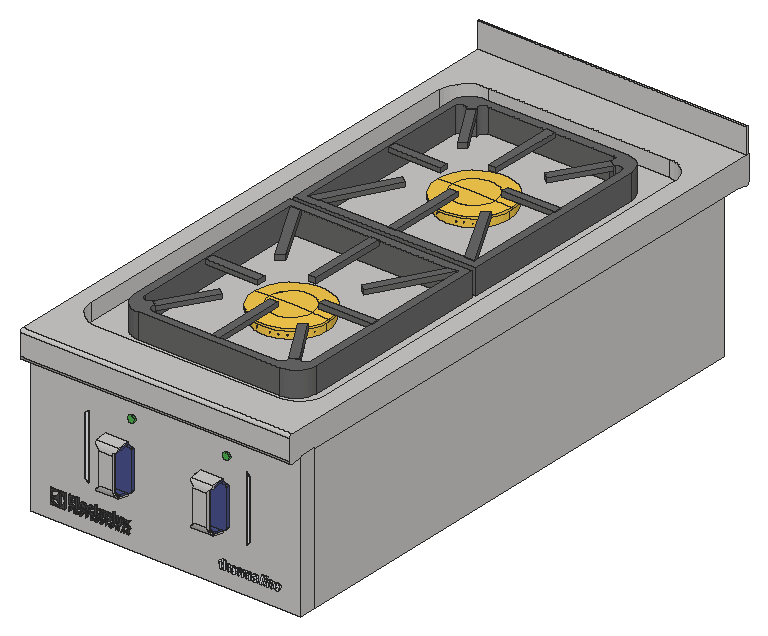
Revit family "QF_ELECTROLUXPROFESSIONAL_593103_MBGCBBDOVO", category Specialty Equipment, Revit 2014
Parameters
  Weight in Pounds = 487.22
  URL Cutsheet = ""
  Type Mark [instance] = ""
  Specification by User [instance] = ""
  Specification by Manufacturer = ""
  Serial Number = ""
  Seismic Rating = ""
  SMACNA No = ""
  Revision Code [instance] = ""
  Omniclass Number and Title = ""
  NAFEM Spec ID Number = ""
  Model = "588557"
  Masterspec = ""
  Manufacturer = "Electrolux Professional"
  Item Number [instance] = ""
  Installed By [instance] = ""
  Identify Quantity as Lot [instance] = yes
  Furnished By [instance] = ""
  Foodservice Equipment Identifier [instance] = yes
  Description = ""
  CSI MasterFormat = ""
  CSI Master Format = ""
Reference planes
  plane 1 "BACK": y = 0
  plane 2: z = 0
  plane 3 "LEFT": x = 0
  plane 4 "RIGHT": x = 400
  plane 5 "FRONT": y = -850
  plane 6 "TOP": z = 900
  plane 7 "Center (Left/Right)": x = 200
  plane 8: y = -425
  plane 9: y = -150
  plane 10: y = -65
  plane 11: y = -790
  plane 12 "GasY": y = -540
  plane 13: z = 938
  plane 14 "BaseTop": z = 650
  plane 15: y = -805
  plane 16 "Camino": y = -50
  plane 17: x = 364
  plane 18: z = 1131
Forms (mm)
  Extrusion 1, solid, material "QF_Finishes_Stainless Steel"
    sketch origin (-178.969, -4572, 100) x (-1, 0, 0) y (0, -1, 0)
      loop
        line (-178.969, -4527) -> (-178.969, -3767) -> (-578.969, -3767) -> (-578.969, -4527) -> (-178.969, -4527)
    from 550 to 762.969
  Extrusion 2, solid, material "QF_Finishes_Stainless Steel"
    sketch origin (200, 296.4, 1219.2) x (0, 1, 0) y (0, 0, 1)
      loop
        line (-296.4, -319.2) -> (-1141.4, -319.2)
        arc (-1141.4, -319.2) -> (-1144.935, -320.664) -> (-1146.4, -324.2) r 5
        line (-1146.4, -324.2) -> (-1146.4, -355.2)
        arc (-1146.4, -355.2) -> (-1144.971, -358.264) -> (-1141.705, -359.139) r 4
        line (-1141.705, -359.139) -> (-1126.4, -356.231) -> (-316.4, -356.231) -> (-301.094, -359.139)
        arc (-301.094, -359.139) -> (-297.829, -358.264) -> (-296.4, -355.2) r 4
        line (-296.4, -355.2) -> (-296.4, -319.2)
    from -200 to 200
  Extrusion 3, void
    sketch origin (0, 0, 900) x (-1, 0, 0) y (0, -1, 0)
      loop
        arc (-65.29, 65) -> (-37.006, 76.716) -> (-25.29, 105) r 40
        line (-25.29, 105) -> (-25.29, 750)
        arc (-25.29, 750) -> (-37.006, 778.284) -> (-65.29, 790) r 40
        line (-65.29, 790) -> (-334.029, 790)
        arc (-334.029, 790) -> (-362.314, 778.284) -> (-374.029, 750) r 40
        line (-374.029, 750) -> (-374.029, 105)
        arc (-374.029, 105) -> (-362.314, 76.716) -> (-334.029, 65) r 40
        line (-334.029, 65) -> (-65.29, 65)
    from 0 to -25
  Extrusion 4, solid, material "QF_Finishes_Stainless Steel"
    sketch origin (200, 296.4, 1219.2) x (0, 1, 0) y (0, 0, 1)
      loop
        line (-296.4, -319.2) -> (-296.4, -281.2) -> (-298.4, -281.2) -> (-298.4, -319.2) -> (-296.4, -319.2)
    from 200 to -200
  Extrusion 5, solid, material "QF_Finishes_Stainless Steel"
    sketch origin (0, 0, 650) x (-1, 0, 0) y (0, -1, 0)
      loop
        circle (-364, 540) r 10.1
    from 0 to -10
Cuts and joins
  Extrusion 3 cuts Extrusion 2
Lines and regions (mm)
  symbolic lines
    curve 1: line (0, 0, 100) -> (400, 0, 100)
    curve 2: line (0, -850, 100) -> (0, 0, 100)
    curve 3: line (400, -850, 100) -> (0, -850, 100)
    curve 4: line (400, 0, 100) -> (400, -850, 100)
    curve 5: line (0, -2, 0) -> (400, -2, 0)
    curve 6: line (334.029, -65, 0) -> (65.29, -65, 0)
    curve 7: arc (65.29, -65, 0) -> (37.006, -76.716, 0) -> (25.29, -105, 0) r 40
    curve 8: arc (374.029, -105, 0) -> (362.314, -76.716, 0) -> (334.029, -65, 0) r 40
    curve 9: line (374.029, -750, 0) -> (374.029, -105, 0)
    curve 10: arc (334.029, -790, 0) -> (362.314, -778.284, 0) -> (374.029, -750, 0) r 40
    curve 11: line (65.29, -790, 0) -> (334.029, -790, 0)
    curve 12: arc (25.29, -750, 0) -> (37.006, -778.284, 0) -> (65.29, -790, 0) r 40
    curve 13: line (25.29, -105, 0) -> (25.29, -750, 0)
Dimensions and locks
  plane 3 "LEFT" to plane 4 "RIGHT" = 400 mm
  locked: plane 5 "FRONT" to plane 1 "BACK" at 850
  plane 3 "LEFT" to plane 7 "Center (Left/Right)" to plane 4 "RIGHT" = 200 mm, 200 mm
  equal spacing: plane 5 "FRONT", plane 8, plane 1 "BACK"
  plane 6 "TOP" to level = 900 mm  (x2)
  plane 1 "BACK" to plane 9 = 150 mm
  plane 12 "GasY" to plane 1 "BACK" = 540 mm
  plane 13 to plane 6 "TOP" = 38 mm
  plane 10 to plane 1 "BACK" = 65 mm
  plane 5 "FRONT" to plane 11 = 60 mm
  locked: plane 6 "TOP" to plane 14 "BaseTop" at 250
  locked: plane 15 to plane 5 "FRONT" at 45
  plane 16 "Camino" to plane 1 "BACK" = 50 mm
  plane 17 to plane 4 "RIGHT" = 36 mm
  plane 18 to plane 6 "TOP" = 231 mm
  aligned and locked: level to plane 2
  aligned and locked: cut or joined group of Extrusion 2, Extrusion 3 to plane 3 "LEFT"
  aligned and locked: cut or joined group of Extrusion 2, Extrusion 3 to plane 4 "RIGHT"
  aligned and locked: nested 1 to plane 15
  aligned and locked: Extrusion 1 to plane 15
  aligned and locked: Extrusion 4 to plane 3 "LEFT"
  aligned and locked: Extrusion 4 to plane 4 "RIGHT"
  aligned and locked: plane 3 "LEFT" to nested 1
Automatic sketch dimensions
  curve 5 to plane 3 "LEFT" = 0 mm
  curve 5 to plane 4 "RIGHT" = 0 mm
  plane 1 "BACK" to curve 5 = 2 mm
  Extrusion 1 sketch curve to plane 4 "RIGHT" = 0 mm
  Extrusion 1 sketch curve to plane 3 "LEFT" = 0 mm
  Extrusion 1 sketch curve to plane 15 = 0 mm
  Extrusion 1 sketch curve to plane 16 "Camino" = 5 mm
  plane 1 "BACK" to curve 1 = 0 mm
  curve 1 to plane 4 "RIGHT" = 0 mm
  curve 3 to plane 3 "LEFT" = 0 mm
  plane 5 "FRONT" to curve 3 = 0 mm
  Extrusion 2 sketch curve to plane 5 "FRONT" = 0 mm
  Extrusion 2 sketch curve to plane 6 "TOP" = 0 mm
  Extrusion 2 sketch curve to plane 1 "BACK" = 0 mm
  Extrusion 2 sketch curve to Extrusion 2 sketch curve = 4 mm
  Extrusion 2 sketch curve to Extrusion 2 sketch curve = 0.695 mm
  Extrusion 2 sketch curve to plane 5 "FRONT" = 5 mm
  Extrusion 2 sketch curve to Extrusion 2 sketch curve = 15.305 mm
  plane 1 "BACK" to Extrusion 2 sketch curve = 20 mm
  plane 1 "BACK" to Extrusion 2 sketch curve = 4.695 mm
  plane 1 "BACK" to Extrusion 2 sketch curve = 4 mm
  Extrusion 2 sketch curve to Extrusion 2 sketch curve = 31 mm
  Extrusion 2 sketch curve to Extrusion 2 sketch curve = 36 mm
  Extrusion 2 sketch curve to Extrusion 2 sketch curve = 2.909 mm
  Extrusion 4 sketch curve to plane 6 "TOP" = 0 mm
  Extrusion 4 sketch curve to plane 13 = 0 mm
  Extrusion 4 sketch curve to plane 1 "BACK" = 0 mm
  Extrusion 4 sketch curve to Extrusion 4 sketch curve = 2 mm
  Extrusion 5 sketch curve to plane 12 "GasY" = 0 mm
  Extrusion 5 sketch curve to plane 17 = 0 mm
  plane 10 to curve 6 = 0 mm
  plane 7 "Center (Left/Right)" to curve 6 = 134.029 mm
  curve 7 to curve 6 = 40 mm
  curve 8 to curve 6 = 40 mm
  curve 9 to plane 11 = 40 mm
  plane 11 to curve 10 = 0 mm
  plane 3 "LEFT" to curve 13 = 25.29 mm
  curve 12 to plane 11 = 40 mm
  plane 11 to Extrusion 3 sketch curve = 0 mm
  plane 10 to Extrusion 3 sketch curve = 0 mm
  plane 17 to Extrusion 3 sketch curve = 10.029 mm
  Extrusion 3 sketch curve to plane 17 = 29.971 mm  (x2)
  plane 3 "LEFT" to Extrusion 3 sketch curve = 65.29 mm  (x2)
  plane 10 to Extrusion 3 sketch curve = 40 mm
  radius of Extrusion 5 sketch curve = 10.1 mm
Nested families
  nested 1: "Front_Panel_W400_2 Knobs_Spie" at (52.376, -805, 0), type "Front_Panel_W400_2 Knobs_Spie"
  nested 2: "Therma_One_Burner_Long" at (198.607, -260.258, 875), type "Therma_One_Burner_Long"
  nested 3: "Therma_One_Burner_Long" at (198.607, -593.742, 875), type "Therma_One_Burner_Long"
Connectors
  piping at (364, -540, 650), diameter 12.7
    settings: on Extrusion 5, index 1, connector inside diameter 24", connector length 0 mm, flow factor 0, pipe flow 0 GPM, pressure drop 0.00 psi, fitting loss kfactor 0, connector angle 0.00°, fixture units 0, engagement length 0 mm, angle of deflection 0.00°, flow configuration 1, flow direction 1, fitting loss method 0, system type 7, joint type 0, gender type 0, connector reference index -1, connector utility 0, adjustable connector no, is connector primary yes, connector description "Gas Connection"
Definition of nested family "Front_Panel_W400_2 Knobs_Spie"
  Reference planes
    plane 1 "Center (Front/Back)": y = 0
    plane 2: z = 0
    plane 3 "Center (Left/Right)": x = 147.624
    plane 4 "Left": x = -52.376
    plane 5 "Right": x = 347.624
    plane 6: y = -45
    plane 7 "Panel": y = -25
  Forms (mm)
    Extrusion 1, solid, material "QF_Finishes_Stainless Steel"
      sketch origin (833.217, 829.203, -1.25) x (0, 1, 0) y (0, 0, 1)
        loop
          line (-854.203, 651.25) -> (-829.203, 651.25) -> (-829.203, 864.25) -> (-854.203, 864.25) -> (-854.203, 651.25)
      from -885.593 to -485.593
    Extrusion 2, void
      sketch origin (0, -25, -10) x (0, 0, 1) y (-1, 0, 0)
        loop
          line (731.866, -27.624) -> (726.866, -32.624) -> (823.866, -32.624) -> (818.866, -27.624) -> (731.866, -27.624)
        loop
          line (731.866, -272.624) -> (818.866, -272.624) -> (823.866, -267.624) -> (726.866, -267.624) -> (731.866, -272.624)
      from 0 to -2
    Extrusion 3, solid, material "QF_Finishes_Green"
      sketch origin (110, -25, 1.163) x (0, 0, 1) y (-1, 0, 0)
        loop
          circle (824.337, 12.376) r 5
      from 0 to 1.7
    Extrusion 4, solid, material "QF_Finishes_White"
      sketch origin (0, -25, -10) x (0, 0, 1) y (-1, 0, 0)
        loop
          line (731.866, -27.624) -> (726.866, -32.624) -> (823.866, -32.624) -> (818.866, -27.624) -> (731.866, -27.624)
        loop
          line (726.866, -267.624) -> (731.866, -272.624) -> (818.866, -272.624) -> (823.866, -267.624) -> (726.866, -267.624)
      from 0 to -2
    Extrusion 5, solid, material "QF_Finishes_Green"
      sketch origin (250.724, -25, 1.163) x (0, 0, 1) y (-1, 0, 0)
        loop
          circle (824.337, 12.376) r 5
      from 0 to 1.7
  Cuts and joins
    Extrusion 2 cuts Extrusion 1
  Dimensions and locks
    equal spacing: plane 5 "Right", plane 3 "Center (Left/Right)", plane 4 "Left"
    plane 5 "Right" to plane 4 "Left" = 400 mm
    aligned and locked: cut or joined group of Extrusion 1, Extrusion 2 to plane 4 "Left"
    aligned and locked: plane 5 "Right" to cut or joined group of Extrusion 1, Extrusion 2
  Automatic sketch dimensions
    Extrusion 1 sketch curve to plane 7 "Panel" = 0 mm
    Extrusion 1 sketch curve to plane 1 "Center (Front/Back)" = 0 mm
    Extrusion 2 sketch curve to Extrusion 2 sketch curve = 5 mm  (x6)
    Extrusion 2 sketch curve to plane 5 "Right" = 75 mm
    plane 4 "Left" to Extrusion 2 sketch curve = 85 mm
    Extrusion 3 sketch curve to plane 3 "Center (Left/Right)" = 50 mm
    Extrusion 4 sketch curve to Extrusion 4 sketch curve = 5 mm  (x6)
    Extrusion 4 sketch curve to plane 5 "Right" = 75 mm
    plane 4 "Left" to Extrusion 4 sketch curve = 85 mm
    plane 3 "Center (Left/Right)" to Extrusion 5 sketch curve = 90.724 mm
    level to Extrusion 1 sketch curve = 650 mm
    Extrusion 1 sketch curve to Extrusion 1 sketch curve = 213 mm
    level to Extrusion 2 sketch curve = 716.866 mm
    Extrusion 2 sketch curve to Extrusion 2 sketch curve = 0 mm
    Extrusion 2 sketch curve to Extrusion 2 sketch curve = 87 mm  (x2)
    level to Extrusion 3 sketch curve = 825.5 mm
    level to Extrusion 4 sketch curve = 716.866 mm
    Extrusion 4 sketch curve to Extrusion 4 sketch curve = 0 mm
    Extrusion 4 sketch curve to Extrusion 4 sketch curve = 87 mm  (x2)
    level to Extrusion 5 sketch curve = 825.5 mm
    radius of Extrusion 3 sketch curve = 5 mm
    radius of Extrusion 5 sketch curve = 5 mm
  Nested families
    nested 1: "Range Control Handle" at (77.624, -28.137, -209.113) x (-1, 0, 0) z (0, 0, 1), type "Range Control Handle"
    nested 2: "Range Control Handle" at (217.624, -28.137, -209.113), type "Range Control Handle"
    nested 3: "ELX_ThermaLine_Small" at (269.008, -25, 679.413) x (1, 0, 0) z (0, -1, 0), type "ELX_ThermaLine_Small"
      with Show Logo yes, Material_Logo QF_Finishes_Black
    nested 4: "ELX_Professional_Logo_Small" at (37.088, -25, 681.646) x (1, 0, 0) z (0, -1, 0), type "ELX_Professional_Logo_Small"
      with Show Logo yes, Material_Logo QF_Finishes_Black
  Definition of nested family "Range Control Handle"
    Reference planes
      plane 1 "Center (Front/Back)": y = 0
      plane 2: z = 0
      plane 3 "Center (Left/Right)": x = 0
      plane 4: z = 971.092
      plane 5: y = -16.9
    Forms (mm)
      Extrusion 1, solid, material "QF_Finishes_Electrolux Cyan"
        sketch origin (-746.28, 380.497, 208.931) x (-1, 0, 0) y (0, 0, 1)
          loop
            line (-770.101, 786.798) -> (-770.101, 731.649)
            arc (-770.101, 731.649) -> (-769.759, 730.563) -> (-768.855, 729.87) r 1.893
            line (-768.855, 729.87) -> (-763.474, 727.911) -> (-729.81, 727.911) -> (-724.428, 729.87)
            arc (-724.428, 729.87) -> (-723.525, 730.563) -> (-723.183, 731.649) r 1.893
            line (-723.183, 731.649) -> (-723.183, 786.798)
            arc (-723.183, 786.798) -> (-723.529, 787.894) -> (-724.44, 788.593) r 1.91
            line (-724.44, 788.593) -> (-729.683, 790.819) -> (-763.601, 790.819) -> (-768.844, 788.593)
            arc (-768.844, 788.593) -> (-769.755, 787.894) -> (-770.101, 786.798) r 1.91
        from -382.35 to -378.852
      Sweep 2, solid, material "QF_Finishes_Electrolux Cyan"
        path origin (-746.788, 380.496, 208.091) x (0, -1, 0) y (0, 0, 1)
          loop
            line (379.775, 793.281) -> (395.661, 791.048)
            arc (395.661, 791.048) -> (397.781, 787.377) -> (398.517, 783.202) r 12.207
            line (398.517, 783.202) -> (398.517, 737.368)
            arc (398.517, 737.368) -> (397.781, 733.193) -> (395.661, 729.522) r 12.207
            line (395.661, 729.522) -> (379.775, 727.289)
        profile origin (-746.788, -7.222, 1000.256) x (0, -0.139173, 0.990268) y (-1, 0, 0)
          loop
            line (0.782, -763.123) -> (0.782, -730.907) -> (-1.322, -730.907) -> (-1.322, -763.123) -> (0.782, -763.123)
      Sweep 3, solid, material "QF_Finishes_Stainless Steel"
        path origin (-746.788, 380.715, 207.832) x (0, -1, 0) y (0, 0, 1)
          loop
            line (380.478, 795.442) -> (397.218, 793.09)
            arc (397.218, 793.09) -> (399.929, 788.473) -> (400.871, 783.202) r 15.207
            line (400.871, 783.202) -> (400.871, 737.584)
            arc (400.871, 737.584) -> (399.914, 732.274) -> (397.164, 727.633) r 15.207
            line (397.164, 727.633) -> (380.601, 725.305)
        profile origin (-746.788, -8.132, 1002.099) x (0, -0.139173, 0.990268) y (-1, 0, 0)
          loop
            line (0.782, -763.123) -> (0.782, -730.907) -> (-1.322, -730.907) -> (-1.322, -763.123) -> (0.782, -763.123)
      Extrusion 4, void
        sketch origin (889.253, 220.666, 207.993) x (1, 0, 0) y (0, 0, 1)
          loop
            line (-943.038, 816.854) -> (-943.038, 703.686) -> (-899.466, 734.196) -> (-899.466, 786.344) -> (-943.038, 816.854)
        from 230.636 to 242.25
      Extrusion 5, void
        sketch origin (-888.8, 220.666, 207.993) x (-1, 0, 0) y (0, 0, -1)
          loop
            line (-943.038, -816.854) -> (-899.466, -786.344) -> (-899.466, -734.196) -> (-943.038, -703.686) -> (-943.038, -816.854)
        from 230.636 to 242.25
      Extrusion 6, solid, material "QF_Finishes_Electrolux Cyan"
        sketch origin (0, 0, 0) x (1, 0, 0) y (0, 0, 1)
          loop
            circle (0, 971.092) r 7.736
        from -3.137 to -1.645
    Cuts and joins
      Extrusion 4, Extrusion 5 cuts Sweep 3
      Extrusion 4, Extrusion 5 cuts Sweep 2
      joined: Extrusion 1, Extrusion 6
    Lines and regions (mm)
      symbolic lines
        curve 1: line (16.334, -16.9, 0) -> (16.334, -19.227, 0)
        curve 2: spline (16.334, -19.227, 0) -> (15.87, -19.385, 0) -> (15.404, -19.536, 0) -> (14.936, -19.678, 0) -> (14.466, -19.813, 0) -> (13.995, -19.94, 0) -> (13.523, -20.059, 0) -> (13.049, -20.171, 0) -> (12.575, -20.274, 0) -> (12.099, -20.37, 0) -> (11.622, -20.458, 0) -> (11.144, -20.537, 0) -> (10.666, -20.609, 0)
        curve 3: line (10.666, -16.9, 0) -> (10.666, -20.938, 0)
        curve 4: line (-10.213, -20.938, 0) -> (10.666, -20.938, 0)
        curve 5: line (-10.213, -20.938, 0) -> (-10.213, -16.9, 0)
        curve 6: spline (-10.213, -20.609, 0) -> (-10.691, -20.537, 0) -> (-11.169, -20.458, 0) -> (-11.646, -20.37, 0) -> (-12.122, -20.274, 0) -> (-12.597, -20.171, 0) -> (-13.07, -20.059, 0) -> (-13.542, -19.94, 0) -> (-14.013, -19.813, 0) -> (-14.483, -19.678, 0) -> (-14.951, -19.536, 0) -> (-15.417, -19.385, 0) -> (-15.881, -19.227, 0)
        curve 7: line (-15.881, -19.227, 0) -> (-15.881, -16.9, 0)
  Definition of nested family "ELX_ThermaLine_Small"
    Parameters (values of type "ELX_ThermaLine_Small")
      Show Logo [instance] = yes
      Material_Logo [instance] = QF_Finishes_Black
      Default Elevation = 0 mm
    Reference planes
      plane 1 "Centro (Fronte/Retro)": y = 0
      plane 2: z = 0
      plane 3 "Centro (Sinistra/Destra)": x = 0
    Forms (mm)
      Extrusion 1, solid
        sketch origin (0, 0, 0) x (1, 0, 0) y (0, 1, 0)
          loop
            line (-1219.2, 1219.2) -> (-1219.2, -1219.2) -> (1219.2, -1219.2) -> (1219.2, 1219.2) -> (-1219.2, 1219.2)
        from 0 to -304.8
      Extrusion 2, solid, material "QF_Finishes_White"
        sketch origin (0, 0, 0) x (1, 0, 0) y (0, 1, 0)
          loop
            line (-37.494, 1.229) -> (-35.908, 1.229) -> (-35.908, 3.066) -> (-37.494, 3.066) -> (-37.494, 6.221) -> (-39.867, 4.881) -> (-39.867, 3.066) -> (-40.969, 3.066) -> (-40.969, 1.229) -> (-39.867, 1.229) -> (-39.867, -3.407)
            arc (-39.867, -3.407) -> (-38.982, -5.513) -> (-36.751, -6.001) r 2.478
            line (-36.751, -6.001) -> (-35.638, -5.7) -> (-35.9, -3.835) -> (-36.661, -4.039)
            arc (-36.661, -4.039) -> (-37.236, -3.924) -> (-37.494, -3.399) r 0.662
            line (-37.494, -3.399) -> (-37.494, 1.229)
          loop
            line (-34.242, 6.539) -> (-34.242, -5.848) -> (-31.854, -5.848) -> (-31.854, -0.078)
            arc (-31.854, -0.078) -> (-30.939, 1.249) -> (-29.33, 1.367) r 1.866
            arc (-29.33, 1.367) -> (-28.695, 0.768) -> (-28.461, -0.073) r 1.627
            line (-28.461, -0.073) -> (-28.461, -5.848) -> (-26.086, -5.848) -> (-26.064, -0.46)
            arc (-26.064, -0.46) -> (-26.261, 0.932) -> (-26.786, 2.237) r 5.825
            arc (-26.786, 2.237) -> (-29.381, 3.264) -> (-31.854, 1.971) r 3.353
            line (-31.854, 1.971) -> (-31.854, 6.539) -> (-34.242, 6.539)
          loop
            arc (-18.398, -0.598) -> (-18.893, 0.879) -> (-20.326, 1.487) r 1.897
            arc (-20.326, 1.487) -> (-21.461, 0.708) -> (-21.897, -0.598) r 2.164
            line (-21.897, -0.598) -> (-18.398, -0.598)
          loop
            arc (-16.021, -2.044) -> (-16.754, 1.227) -> (-19.444, 3.226) r 4.814
            arc (-19.444, 3.226) -> (-22.137, 2.788) -> (-23.943, 0.743) r 4.054
            arc (-23.943, 0.743) -> (-24.382, -1.249) -> (-24.162, -3.276) r 6.289
            arc (-24.162, -3.276) -> (-23.302, -4.71) -> (-21.958, -5.705) r 4.28
            arc (-21.958, -5.705) -> (-18.558, -5.814) -> (-16.152, -3.409) r 4.28
            line (-16.152, -3.409) -> (-18.5, -2.995)
            arc (-18.5, -2.995) -> (-19.273, -3.994) -> (-20.533, -4.076) r 1.536
            arc (-20.533, -4.076) -> (-21.56, -3.281) -> (-21.958, -2.044) r 2.197
            line (-21.958, -2.044) -> (-16.021, -2.044)
          loop
            line (-14.165, -5.848) -> (-11.819, -5.848) -> (-11.819, -2.138)
            arc (-11.819, -2.138) -> (-11.787, -1.156) -> (-11.637, -0.185) r 8.18
            arc (-11.637, -0.185) -> (-10.644, 0.972) -> (-9.132, 0.776) r 1.603
            line (-9.132, 0.776) -> (-8.419, 2.846)
            arc (-8.419, 2.846) -> (-10.432, 3.118) -> (-11.994, 1.821) r 2.527
            line (-11.994, 1.821) -> (-11.994, 3.094) -> (-14.165, 3.094) -> (-14.165, -5.848)
          loop
            line (-7.579, 3.094) -> (-7.579, -5.848) -> (-5.178, -5.848) -> (-5.178, -0.756)
            arc (-5.178, -0.756) -> (-4.727, 0.679) -> (-3.417, 1.419) r 2.05
            arc (-3.417, 1.419) -> (-2.499, 0.908) -> (-2.155, -0.085) r 1.471
            line (-2.155, -0.085) -> (-2.155, -5.848) -> (0.23, -5.848) -> (0.23, -1.001)
            arc (0.23, -1.001) -> (0.47, 0.127) -> (1.148, 1.061) r 2.775
            arc (1.148, 1.061) -> (2.225, 1.329) -> (3.05, 0.587) r 1.182
            arc (3.05, 0.587) -> (3.199, -0.019) -> (3.214, -0.642) r 2.894
            line (3.214, -0.642) -> (3.214, -5.848) -> (5.601, -5.848) -> (5.601, 0.261)
            arc (5.601, 0.261) -> (4.87, 2.263) -> (2.976, 3.241) r 2.932
            arc (2.976, 3.241) -> (1.284, 2.973) -> (-0.047, 1.896) r 3.309
            arc (-0.047, 1.896) -> (-1.116, 2.865) -> (-2.506, 3.258) r 3.16
            arc (-2.506, 3.258) -> (-4.105, 2.942) -> (-5.376, 1.92) r 3.419
            line (-5.376, 1.92) -> (-5.376, 3.094) -> (-7.579, 3.094)
          loop
            line (7.583, 0.738) -> (9.702, 0.364)
            arc (9.702, 0.364) -> (11.441, 1.492) -> (12.855, -0.023) r 1.613
            line (12.855, -0.023) -> (9.782, -0.789)
            arc (9.782, -0.789) -> (8.559, -1.346) -> (7.617, -2.305) r 3.687
            arc (7.617, -2.305) -> (7.499, -3.681) -> (7.901, -5.003) r 3.651
            arc (7.901, -5.003) -> (9.107, -5.766) -> (10.515, -6.006) r 3.635
            arc (10.515, -6.006) -> (11.898, -5.697) -> (13.067, -4.895) r 3.734
            line (13.067, -4.895) -> (13.376, -5.848) -> (15.75, -5.848) -> (15.212, -4.193) -> (15.212, 0.38)
            arc (15.212, 0.38) -> (14.897, 1.849) -> (13.818, 2.895) r 2.585
            arc (13.818, 2.895) -> (11.792, 3.442) -> (9.719, 3.11) r 5.005
            arc (9.719, 3.11) -> (8.369, 2.178) -> (7.583, 0.738) r 3.54
          loop
            line (19.723, -5.848) -> (22.233, -5.848) -> (24.854, 6.484) -> (22.345, 6.484) -> (19.723, -5.848)
          loop
            line (24.583, -5.848) -> (26.953, -5.848) -> (28.848, 3.066) -> (26.478, 3.066) -> (24.583, -5.848)
          loop
            line (27.204, 6.484) -> (26.741, 4.305) -> (29.111, 4.305) -> (29.575, 6.484) -> (27.204, 6.484)
          loop
            line (29.355, -5.848) -> (31.849, -5.848) -> (33.098, 0.028)
            arc (33.098, 0.028) -> (34.169, 1.306) -> (35.832, 1.422) r 2.132
            arc (35.832, 1.422) -> (36.324, 0.752) -> (36.383, -0.078) r 1.5
            line (36.383, -0.078) -> (35.157, -5.848) -> (37.536, -5.848) -> (38.936, 0.738)
            arc (38.936, 0.738) -> (38.775, 2.091) -> (37.825, 3.066) r 2.118
            arc (37.825, 3.066) -> (35.392, 3.175) -> (33.295, 1.937) r 4.271
            line (33.295, 1.937) -> (33.535, 3.066) -> (31.25, 3.066) -> (29.355, -5.848)
          loop
            line (42.792, -0.64) -> (46.589, -0.64)
            arc (46.589, -0.64) -> (46.639, 0.124) -> (46.327, 0.823) r 1.589
            arc (46.327, 0.823) -> (45.117, 1.521) -> (43.762, 1.183) r 1.865
            arc (43.762, 1.183) -> (43.141, 0.344) -> (42.792, -0.64) r 3.538
          loop
            line (42.565, -2.138) -> (48.593, -2.138)
            arc (48.593, -2.138) -> (48.58, 0.597) -> (46.983, 2.818) r 4.494
            arc (46.983, 2.818) -> (44.191, 3.28) -> (41.725, 1.891) r 4.26
            arc (41.725, 1.891) -> (40.503, -0.3) -> (40.284, -2.799) r 6.003
            arc (40.284, -2.799) -> (40.959, -4.468) -> (42.377, -5.576) r 3.482
            arc (42.377, -5.576) -> (44.265, -5.961) -> (46.152, -5.576) r 4.823
            arc (46.152, -5.576) -> (47.432, -4.731) -> (48.328, -3.485) r 4.245
            line (48.328, -3.485) -> (46.168, -3.105)
            arc (46.168, -3.105) -> (45.214, -4.072) -> (43.859, -4.181) r 1.953
            arc (43.859, -4.181) -> (42.821, -3.408) -> (42.565, -2.138) r 1.81
          loop
            line (12.868, -1.553) -> (10.216, -2.214)
            arc (10.216, -2.214) -> (9.747, -3.136) -> (10.216, -4.058) r 1.14
            arc (10.216, -4.058) -> (11.537, -4.249) -> (12.614, -3.46) r 1.763
            arc (12.614, -3.46) -> (12.858, -2.522) -> (12.868, -1.553) r 3.97
        from 0 to 1.6
    Dimensions and locks
      aligned and locked: plane 2 to Extrusion 1
      aligned and locked: level to Extrusion 1
  Definition of nested family "ELX_Professional_Logo_Small"
    Parameters (values of type "ELX_Professional_Logo_Small")
      Show Logo [instance] = yes
      Material_Logo [instance] = QF_Finishes_Black
      Default Elevation = 0 mm
    Reference planes
      plane 1 "Centro (Fronte/Retro)": y = 0
      plane 2: z = 0
      plane 3 "Centro (Sinistra/Destra)": x = 0
    Forms (mm)
      Extrusion 1, solid
        sketch origin (0, 0, 0) x (1, 0, 0) y (0, 1, 0)
          loop
            line (-1219.2, 1219.2) -> (-1219.2, -1219.2) -> (1219.2, -1219.2) -> (1219.2, 1219.2) -> (-1219.2, 1219.2)
        from 0 to -304.8
      Extrusion 2, solid, material "QF_Finishes_Black" <- "Material_Logo"
        sketch origin (15.5, 0, 0) x (1, 0, 0) y (0, 1, 0)
          loop
            spline (-42.99, -1.24) -> (-43.195, -1.231) -> (-43.415, -1.203) -> (-43.642, -1.152) -> (-43.87, -1.074) -> (-44.095, -0.966) -> (-44.309, -0.825) -> (-44.506, -0.647) -> (-44.681, -0.429) -> (-44.828, -0.167) -> (-44.94, 0.142) -> (-45.011, 0.501) -> (-45.037, 0.915)
            line (-45.037, 0.915) -> (-45.037, 2.748) -> (-38.984, 2.748) -> (-38.984, 5.086) -> (-45.038, 5.086) -> (-45.038, 8.489) -> (-38.599, 8.489) -> (-38.599, 10.82) -> (-47.515, 10.82) -> (-47.515, 1.021)
            spline (-47.515, 1.021) -> (-47.493, 0.418) -> (-47.425, -0.15) -> (-47.311, -0.682) -> (-47.15, -1.175) -> (-46.939, -1.628) -> (-46.678, -2.038) -> (-46.365, -2.404) -> (-46, -2.723) -> (-45.58, -2.995) -> (-45.105, -3.216) -> (-44.573, -3.385) -> (-43.983, -3.499)
            line (-43.983, -3.499) -> (-43.01, -3.569) -> (-38.426, -3.569) -> (-38.426, -1.24) -> (-42.99, -1.24)
          loop
            line (-36.666, 4.021) -> (-36.666, -3.573) -> (-34.188, -3.573) -> (-34.188, 10.824) -> (-36.666, 10.824) -> (-36.666, 4.021)
          loop
            spline (-21.915, 1.897) -> (-21.957, 2.615) -> (-22.082, 3.303) -> (-22.285, 3.955) -> (-22.563, 4.564) -> (-22.913, 5.124) -> (-23.331, 5.629) -> (-23.814, 6.074) -> (-24.359, 6.451) -> (-24.961, 6.755) -> (-25.618, 6.98) -> (-26.326, 7.119) -> (-27.081, 7.167)
            spline (-27.081, 7.167) -> (-27.853, 7.122) -> (-28.586, 6.99) -> (-29.275, 6.774) -> (-29.915, 6.478) -> (-30.5, 6.104) -> (-31.024, 5.657) -> (-31.483, 5.138) -> (-31.871, 4.553) -> (-32.182, 3.904) -> (-32.411, 3.194) -> (-32.552, 2.427) -> (-32.6, 1.606)
            spline (-32.6, 1.606) -> (-32.553, 0.805) -> (-32.416, 0.057) -> (-32.193, -0.637) -> (-31.887, -1.271) -> (-31.504, -1.843) -> (-31.048, -2.35) -> (-30.523, -2.788) -> (-29.934, -3.154) -> (-29.284, -3.444) -> (-28.579, -3.656) -> (-27.822, -3.785) -> (-27.019, -3.829)
            spline (-27.019, -3.829) -> (-26.627, -3.82) -> (-26.239, -3.79) -> (-25.856, -3.739) -> (-25.477, -3.663) -> (-25.103, -3.562) -> (-24.734, -3.432) -> (-24.369, -3.273) -> (-24.01, -3.082) -> (-23.655, -2.858) -> (-23.305, -2.597) -> (-22.96, -2.299) -> (-22.621, -1.962)
            line (-22.621, -1.962) -> (-24.114, -0.509)
            spline (-24.114, -0.509) -> (-24.311, -0.699) -> (-24.509, -0.872) -> (-24.71, -1.03) -> (-24.915, -1.172) -> (-25.126, -1.297) -> (-25.346, -1.407) -> (-25.576, -1.5) -> (-25.817, -1.576) -> (-26.072, -1.636) -> (-26.342, -1.678) -> (-26.629, -1.704) -> (-26.936, -1.713)
            spline (-26.936, -1.713) -> (-27.384, -1.691) -> (-27.805, -1.625) -> (-28.196, -1.518) -> (-28.556, -1.372) -> (-28.882, -1.187) -> (-29.174, -0.966) -> (-29.429, -0.71) -> (-29.645, -0.422) -> (-29.821, -0.102) -> (-29.955, 0.247) -> (-30.045, 0.623) -> (-30.089, 1.026)
            line (-30.089, 1.026) -> (-21.956, 1.026) -> (-21.915, 1.897)
          loop
            spline (-24.446, 2.769) -> (-24.47, 3.075) -> (-24.54, 3.37) -> (-24.654, 3.65) -> (-24.807, 3.913) -> (-24.996, 4.156) -> (-25.219, 4.376) -> (-25.472, 4.57) -> (-25.753, 4.736) -> (-26.057, 4.869) -> (-26.382, 4.968) -> (-26.724, 5.03) -> (-27.081, 5.051)
            spline (-27.081, 5.051) -> (-27.464, 5.03) -> (-27.832, 4.97) -> (-28.183, 4.872) -> (-28.513, 4.74) -> (-28.819, 4.577) -> (-29.099, 4.384) -> (-29.347, 4.165) -> (-29.563, 3.923) -> (-29.742, 3.659) -> (-29.881, 3.377) -> (-29.977, 3.079) -> (-30.027, 2.769)
            line (-30.027, 2.769) -> (-24.446, 2.769)
          loop
            spline (-18.167, 1.669) -> (-18.138, 2.13) -> (-18.055, 2.567) -> (-17.921, 2.978) -> (-17.739, 3.358) -> (-17.512, 3.705) -> (-17.243, 4.016) -> (-16.937, 4.287) -> (-16.596, 4.517) -> (-16.223, 4.7) -> (-15.823, 4.835) -> (-15.398, 4.919) -> (-14.951, 4.947)
            spline (-14.951, 4.947) -> (-14.677, 4.938) -> (-14.414, 4.913) -> (-14.162, 4.871) -> (-13.921, 4.812) -> (-13.69, 4.738) -> (-13.467, 4.649) -> (-13.254, 4.544) -> (-13.048, 4.424) -> (-12.85, 4.291) -> (-12.659, 4.143) -> (-12.474, 3.981) -> (-12.295, 3.806)
            line (-12.295, 3.806) -> (-10.76, 5.403)
            spline (-10.76, 5.403) -> (-11.065, 5.709) -> (-11.38, 5.984) -> (-11.703, 6.228) -> (-12.035, 6.443) -> (-12.375, 6.63) -> (-12.723, 6.788) -> (-13.078, 6.92) -> (-13.44, 7.026) -> (-13.809, 7.107) -> (-14.184, 7.164) -> (-14.564, 7.198) -> (-14.951, 7.209)
            spline (-14.951, 7.209) -> (-15.725, 7.161) -> (-16.467, 7.02) -> (-17.169, 6.792) -> (-17.826, 6.482) -> (-18.43, 6.096) -> (-18.976, 5.637) -> (-19.455, 5.112) -> (-19.862, 4.525) -> (-20.19, 3.882) -> (-20.433, 3.189) -> (-20.584, 2.449) -> (-20.635, 1.669)
            spline (-20.635, 1.669) -> (-20.584, 0.889) -> (-20.433, 0.149) -> (-20.19, -0.545) -> (-19.862, -1.187) -> (-19.455, -1.774) -> (-18.976, -2.299) -> (-18.43, -2.758) -> (-17.826, -3.145) -> (-17.169, -3.454) -> (-16.467, -3.682) -> (-15.725, -3.823) -> (-14.951, -3.871)
            spline (-14.951, -3.871) -> (-14.564, -3.86) -> (-14.184, -3.826) -> (-13.809, -3.77) -> (-13.44, -3.689) -> (-13.078, -3.583) -> (-12.723, -3.451) -> (-12.375, -3.292) -> (-12.035, -3.105) -> (-11.703, -2.89) -> (-11.38, -2.646) -> (-11.065, -2.371) -> (-10.76, -2.066)
            line (-10.76, -2.066) -> (-12.295, -0.468)
            spline (-12.295, -0.468) -> (-12.474, -0.643) -> (-12.659, -0.805) -> (-12.85, -0.953) -> (-13.048, -1.087) -> (-13.254, -1.206) -> (-13.467, -1.311) -> (-13.69, -1.4) -> (-13.921, -1.475) -> (-14.162, -1.533) -> (-14.414, -1.575) -> (-14.677, -1.6) -> (-14.951, -1.609)
            spline (-14.951, -1.609) -> (-15.398, -1.581) -> (-15.823, -1.497) -> (-16.223, -1.362) -> (-16.596, -1.179) -> (-16.937, -0.95) -> (-17.243, -0.678) -> (-17.512, -0.367) -> (-17.739, -0.02) -> (-17.921, 0.36) -> (-18.055, 0.771) -> (-18.138, 1.208) -> (-18.167, 1.669)
          loop
            spline (-4.441, -1.243) -> (-4.659, -1.247) -> (-4.894, -1.23) -> (-5.137, -1.19) -> (-5.384, -1.121) -> (-5.628, -1.021) -> (-5.864, -0.884) -> (-6.084, -0.708) -> (-6.283, -0.488) -> (-6.454, -0.219) -> (-6.592, 0.101) -> (-6.69, 0.478) -> (-6.742, 0.914)
            line (-6.742, 0.914) -> (-6.742, 4.587) -> (-4.487, 4.587) -> (-4.487, 6.838) -> (-6.738, 6.838) -> (-6.738, 10.824) -> (-9.217, 10.824) -> (-9.217, 0.773)
            spline (-9.217, 0.773) -> (-9.164, 0.19) -> (-9.068, -0.358) -> (-8.928, -0.87) -> (-8.742, -1.343) -> (-8.511, -1.777) -> (-8.232, -2.168) -> (-7.904, -2.515) -> (-7.527, -2.816) -> (-7.098, -3.069) -> (-6.618, -3.273) -> (-6.084, -3.426) -> (-5.496, -3.525)
            line (-5.496, -3.525) -> (-4.45, -3.573) -> (-4.441, -1.243)
          loop
            spline (3.898, 6.983) -> (3.469, 7.009) -> (3.056, 7.001) -> (2.661, 6.961) -> (2.283, 6.888) -> (1.925, 6.785) -> (1.588, 6.652) -> (1.272, 6.49) -> (0.979, 6.301) -> (0.71, 6.085) -> (0.465, 5.844) -> (0.247, 5.578) -> (0.056, 5.289)
            line (0.056, 5.289) -> (0.056, 6.838) -> (-2.402, 6.838) -> (-2.402, -3.572) -> (0.056, -3.572) -> (0.056, 1.901)
            spline (0.056, 1.901) -> (0.079, 2.316) -> (0.145, 2.703) -> (0.254, 3.06) -> (0.404, 3.386) -> (0.592, 3.679) -> (0.818, 3.938) -> (1.08, 4.162) -> (1.375, 4.348) -> (1.703, 4.495) -> (2.062, 4.602) -> (2.45, 4.668) -> (2.865, 4.69)
            line (2.865, 4.69) -> (3.898, 4.586) -> (3.898, 6.983)
          loop
            spline (15.638, 1.633) -> (15.586, 2.396) -> (15.435, 3.124) -> (15.192, 3.81) -> (14.863, 4.449) -> (14.455, 5.034) -> (13.975, 5.56) -> (13.43, 6.021) -> (12.826, 6.411) -> (12.17, 6.724) -> (11.469, 6.955) -> (10.729, 7.098) -> (9.958, 7.147)
            spline (9.958, 7.147) -> (9.182, 7.098) -> (8.44, 6.955) -> (7.737, 6.724) -> (7.081, 6.411) -> (6.477, 6.021) -> (5.933, 5.56) -> (5.454, 5.034) -> (5.048, 4.449) -> (4.721, 3.81) -> (4.479, 3.124) -> (4.329, 2.396) -> (4.277, 1.633)
            spline (4.277, 1.633) -> (4.329, 0.869) -> (4.479, 0.141) -> (4.721, -0.544) -> (5.048, -1.183) -> (5.454, -1.768) -> (5.933, -2.294) -> (6.477, -2.755) -> (7.081, -3.145) -> (7.737, -3.459) -> (8.44, -3.69) -> (9.182, -3.833) -> (9.958, -3.882)
            spline (9.958, -3.882) -> (10.729, -3.833) -> (11.469, -3.69) -> (12.17, -3.459) -> (12.826, -3.145) -> (13.43, -2.755) -> (13.975, -2.294) -> (14.455, -1.768) -> (14.863, -1.183) -> (15.192, -0.544) -> (15.435, 0.141) -> (15.586, 0.869) -> (15.638, 1.633)
          loop
            spline (13.18, 1.633) -> (13.151, 2.083) -> (13.067, 2.513) -> (12.932, 2.918) -> (12.748, 3.296) -> (12.52, 3.642) -> (12.251, 3.954) -> (11.943, 4.227) -> (11.601, 4.459) -> (11.228, 4.645) -> (10.828, 4.782) -> (10.403, 4.867) -> (9.958, 4.896)
            spline (9.958, 4.896) -> (9.509, 4.867) -> (9.081, 4.782) -> (8.679, 4.645) -> (8.306, 4.459) -> (7.964, 4.227) -> (7.658, 3.954) -> (7.39, 3.642) -> (7.163, 3.296) -> (6.981, 2.918) -> (6.847, 2.513) -> (6.765, 2.083) -> (6.736, 1.633)
            spline (6.736, 1.633) -> (6.765, 1.182) -> (6.847, 0.753) -> (6.981, 0.347) -> (7.163, -0.031) -> (7.39, -0.377) -> (7.658, -0.689) -> (7.964, -0.962) -> (8.306, -1.193) -> (8.679, -1.38) -> (9.081, -1.517) -> (9.509, -1.602) -> (9.958, -1.631)
            spline (9.958, -1.631) -> (10.403, -1.602) -> (10.828, -1.517) -> (11.228, -1.38) -> (11.601, -1.193) -> (11.943, -0.962) -> (12.251, -0.689) -> (12.52, -0.377) -> (12.748, -0.031) -> (12.932, 0.347) -> (13.067, 0.753) -> (13.151, 1.182) -> (13.18, 1.633)
          loop
            line (17.162, 4.269) -> (17.162, -3.573) -> (19.642, -3.573) -> (19.642, 10.824) -> (17.162, 10.824) -> (17.162, 4.269)
          loop
            line (28.581, 6.838) -> (28.581, 0.786)
            spline (28.581, 0.786) -> (28.561, 0.393) -> (28.503, 0.038) -> (28.409, -0.279) -> (28.281, -0.559) -> (28.122, -0.802) -> (27.933, -1.011) -> (27.717, -1.185) -> (27.476, -1.325) -> (27.213, -1.433) -> (26.929, -1.509) -> (26.626, -1.554) -> (26.308, -1.569)
            spline (26.308, -1.569) -> (25.99, -1.554) -> (25.688, -1.509) -> (25.404, -1.434) -> (25.141, -1.326) -> (24.9, -1.187) -> (24.684, -1.014) -> (24.496, -0.807) -> (24.336, -0.565) -> (24.209, -0.288) -> (24.115, 0.026) -> (24.057, 0.376) -> (24.037, 0.765)
            line (24.037, 0.765) -> (24.037, 6.838) -> (21.537, 6.838) -> (21.537, 0.558)
            spline (21.537, 0.558) -> (21.581, -0.153) -> (21.71, -0.8) -> (21.916, -1.384) -> (22.195, -1.904) -> (22.54, -2.362) -> (22.944, -2.757) -> (23.403, -3.09) -> (23.909, -3.362) -> (24.456, -3.572) -> (25.04, -3.722) -> (25.652, -3.811) -> (26.288, -3.841)
            spline (26.288, -3.841) -> (26.929, -3.811) -> (27.547, -3.72) -> (28.135, -3.568) -> (28.687, -3.355) -> (29.197, -3.079) -> (29.66, -2.741) -> (30.068, -2.341) -> (30.415, -1.877) -> (30.696, -1.349) -> (30.905, -0.757) -> (31.034, -0.101) -> (31.079, 0.621)
            line (31.079, 0.621) -> (31.079, 6.838) -> (28.581, 6.838)
          loop
            line (40.457, -0.243) -> (38.894, 1.942) -> (40.83, 4.579) -> (42.488, 6.837) -> (39.782, 6.837) -> (37.53, 3.719) -> (35.258, 6.837) -> (32.573, 6.837) -> (34.113, 4.731) -> (36.167, 1.922) -> (34.014, -1.076) -> (32.222, -3.573) -> (34.887, -3.573) -> (37.53, 0.104) -> (40.174, -3.573) -> (42.839, -3.573) -> (40.457, -0.243)
          loop
            line (-46.121, -5.837) -> (-48.039, -5.837) -> (-48.039, -10.814) -> (-47.016, -10.814) -> (-47.016, -9.128) -> (-46.121, -9.128)
            arc (-46.121, -9.128) -> (-44.476, -7.482) -> (-46.121, -5.837) r 1.645
          loop
            line (-46.163, -6.778) -> (-47.016, -6.778) -> (-47.016, -8.187) -> (-46.163, -8.187)
            arc (-46.163, -8.187) -> (-45.458, -7.482) -> (-46.163, -6.778) r 0.704
          loop
            line (-38.313, -5.837) -> (-40.265, -5.837) -> (-40.265, -10.814) -> (-39.241, -10.814) -> (-39.241, -9.1) -> (-38.46, -9.182) -> (-37.48, -10.814) -> (-36.318, -10.814) -> (-37.513, -8.848)
            arc (-37.513, -8.848) -> (-36.888, -8.266) -> (-36.671, -7.441) r 1.536
            arc (-36.671, -7.441) -> (-37.165, -6.305) -> (-38.313, -5.837) r 1.643
          loop
            arc (-38.402, -8.166) -> (-37.707, -7.505) -> (-38.334, -6.778) r 0.696
            line (-38.334, -6.778) -> (-39.241, -6.778) -> (-39.241, -8.166) -> (-38.402, -8.166)
          loop
            circle (-29.965, -8.325) r 2.585
          loop
            circle (-29.965, -8.325) r 1.64
          loop
            line (-23.1, -5.837) -> (-23.1, -10.814) -> (-22.076, -10.814) -> (-22.076, -8.768) -> (-20.204, -8.768) -> (-20.204, -7.828) -> (-22.076, -7.828) -> (-22.076, -6.778) -> (-20.024, -6.778) -> (-20.024, -5.837) -> (-23.1, -5.837)
          loop
            line (-15.802, -5.837) -> (-15.802, -9.2)
            arc (-15.802, -9.2) -> (-15.343, -10.34) -> (-14.209, -10.814) r 1.593
            line (-14.209, -10.814) -> (-12.602, -10.814) -> (-12.602, -10.027) -> (-14.004, -10.027)
            arc (-14.004, -10.027) -> (-14.552, -9.8) -> (-14.779, -9.252) r 0.775
            line (-14.779, -9.252) -> (-14.779, -8.424) -> (-12.789, -8.424) -> (-12.789, -7.642) -> (-14.779, -7.642) -> (-14.779, -6.778) -> (-12.651, -6.778) -> (-12.651, -5.837) -> (-15.802, -5.837)
          loop
            line (-5.909, -7.143) -> (-5.173, -6.638)
            arc (-5.173, -6.638) -> (-5.855, -5.974) -> (-6.781, -5.755) r 1.782
            arc (-6.781, -5.755) -> (-7.397, -5.878) -> (-7.944, -6.189) r 1.974
            arc (-7.944, -6.189) -> (-8.202, -6.5) -> (-8.317, -6.888) r 1.013
            arc (-8.317, -6.888) -> (-8.306, -7.341) -> (-8.192, -7.78) r 1.985
            arc (-8.192, -7.78) -> (-7.749, -8.259) -> (-7.171, -8.563) r 1.928
            arc (-7.171, -8.563) -> (-6.637, -8.779) -> (-6.131, -9.056) r 5.041
            arc (-6.131, -9.056) -> (-5.934, -9.387) -> (-6.09, -9.74) r 0.42
            arc (-6.09, -9.74) -> (-6.631, -9.96) -> (-7.204, -9.845) r 1.016
            arc (-7.204, -9.845) -> (-7.625, -9.603) -> (-7.889, -9.196) r 1.033
            line (-7.889, -9.196) -> (-8.67, -9.686)
            arc (-8.67, -9.686) -> (-8.361, -10.198) -> (-7.908, -10.589) r 1.914
            arc (-7.908, -10.589) -> (-7.334, -10.834) -> (-6.714, -10.896) r 2.063
            arc (-6.714, -10.896) -> (-5.947, -10.743) -> (-5.256, -10.376) r 2.696
            arc (-5.256, -10.376) -> (-4.95, -9.565) -> (-5.108, -8.712) r 1.618
            arc (-5.108, -8.712) -> (-5.448, -8.319) -> (-5.884, -8.035) r 1.876
            arc (-5.884, -8.035) -> (-6.434, -7.789) -> (-6.999, -7.577) r 9.883
            arc (-6.999, -7.577) -> (-7.325, -7.07) -> (-6.854, -6.694) r 0.45
            arc (-6.854, -6.694) -> (-6.329, -6.809) -> (-5.909, -7.143) r 1.197
          loop
            line (1.61, -7.143) -> (2.345, -6.638)
            arc (2.345, -6.638) -> (1.663, -5.974) -> (0.737, -5.755) r 1.782
            arc (0.737, -5.755) -> (0.121, -5.878) -> (-0.425, -6.189) r 1.974
            arc (-0.425, -6.189) -> (-0.683, -6.5) -> (-0.799, -6.888) r 1.013
            arc (-0.799, -6.888) -> (-0.788, -7.341) -> (-0.674, -7.78) r 1.985
            arc (-0.674, -7.78) -> (-0.231, -8.259) -> (0.347, -8.563) r 1.928
            arc (0.347, -8.563) -> (0.881, -8.779) -> (1.387, -9.056) r 5.041
            arc (1.387, -9.056) -> (1.584, -9.387) -> (1.428, -9.74) r 0.42
            arc (1.428, -9.74) -> (0.887, -9.96) -> (0.314, -9.845) r 1.016
            arc (0.314, -9.845) -> (-0.107, -9.603) -> (-0.371, -9.196) r 1.033
            line (-0.371, -9.196) -> (-1.152, -9.686)
            arc (-1.152, -9.686) -> (-0.842, -10.198) -> (-0.39, -10.589) r 1.914
            arc (-0.39, -10.589) -> (0.184, -10.834) -> (0.804, -10.896) r 2.063
            arc (0.804, -10.896) -> (1.572, -10.743) -> (2.263, -10.376) r 2.696
            arc (2.263, -10.376) -> (2.568, -9.565) -> (2.411, -8.712) r 1.618
            arc (2.411, -8.712) -> (2.07, -8.319) -> (1.635, -8.035) r 1.876
            arc (1.635, -8.035) -> (1.084, -7.789) -> (0.519, -7.577) r 9.883
            arc (0.519, -7.577) -> (0.193, -7.07) -> (0.665, -6.694) r 0.45
            arc (0.665, -6.694) -> (1.189, -6.809) -> (1.61, -7.143) r 1.197
          loop
            line (6.801, -5.837) -> (6.801, -10.814) -> (7.825, -10.814) -> (7.825, -5.837) -> (6.801, -5.837)
          loop
            circle (14.724, -8.325) r 1.548
          loop
            circle (14.724, -8.325) r 2.585
          loop
            line (21.59, -10.814) -> (22.623, -10.814) -> (22.623, -7.685) -> (24.9, -10.814) -> (25.895, -10.814) -> (25.895, -5.837) -> (24.861, -5.837) -> (24.861, -9.061) -> (22.585, -5.837) -> (21.59, -5.837) -> (21.59, -10.814)
          loop
            line (31.054, -10.814) -> (31.539, -9.74) -> (33.38, -9.74) -> (33.865, -10.814) -> (34.965, -10.814) -> (32.46, -5.837) -> (29.956, -10.814) -> (31.054, -10.814)
          loop
            line (32.46, -7.698) -> (31.999, -8.719) -> (32.921, -8.719) -> (32.46, -7.698)
          loop
            line (40.047, -9.873) -> (40.047, -5.837) -> (39.024, -5.837) -> (39.024, -10.814) -> (41.961, -10.814) -> (41.961, -9.873) -> (40.047, -9.873)
          loop
            line (-74.986, -10.814) -> (-53.322, -10.814) -> (-53.322, 10.82) -> (-74.986, 10.82) -> (-74.986, -10.814)
          loop
            line (-61.261, 9.758) -> (-61.261, -9.707)
            arc (-61.261, -9.707) -> (-54.066, 0.025) -> (-61.261, 9.758) r 10.18
          loop
            line (-62.251, 8.349) -> (-62.251, 9.758)
            arc (-62.251, 9.758) -> (-70.347, 7.918) -> (-74.247, 0.59) r 9.976
            line (-74.247, 0.59) -> (-71.026, 0.59)
            arc (-71.026, 0.59) -> (-65.274, 2.925) -> (-62.251, 8.349) r 9.351
          loop
            arc (-74.247, -0.539) -> (-70.353, -7.928) -> (-62.251, -9.957) r 10.237
            line (-62.251, -9.957) -> (-62.251, -8.298)
            arc (-62.251, -8.298) -> (-65.274, -2.874) -> (-71.026, -0.539) r 9.351
            line (-71.026, -0.539) -> (-74.247, -0.539)
        from 0 to 1.644
    Dimensions and locks
      aligned and locked: plane 2 to Extrusion 1
      aligned and locked: level to Extrusion 1
Definition of nested family "Therma_One_Burner_Long"
  Reference planes
    plane 1 "Center (Front/Back)": y = 2.758
    plane 2: z = 0
    plane 3 "Center (Left/Right)": x = 1.052
    plane 4: x = -133.948
    plane 5: x = 136.052
    plane 6: y = 324.793
    plane 7: y = -324.793
    plane 8: y = 155.258
    plane 9: y = -162.742
  Forms (mm)
    Extrusion 1, void
      sketch origin (-124.371, -167.459, -885.234) x (-0.587785, -0.809017, 0) y (0, 0, 1)
        loop
          circle (-213.495, 891.283) r 1
      from -67.69 to -35.114
    Extrusion 2, void
      sketch origin (-89.903, -188.091, -885.234) x (-0.422618, -0.906308, 0) y (0, 0, 1)
        loop
          circle (-213.495, 891.283) r 1
      from -74.826 to -35.114
    Extrusion 3, void
      sketch origin (27.702, -206.516, -885.234) x (0.139173, -0.990268, 0) y (0, 0, 1)
        loop
          circle (-213.495, 891.283) r 1
      from -67.69 to -35.114
    Extrusion 4, void
      sketch origin (66.829, -197.413, -885.234) x (0.325568, -0.945519, 0) y (0, 0, 1)
        loop
          circle (-213.495, 891.283) r 1
      from -67.69 to -35.114
    Extrusion 5, void
      sketch origin (103.5, -181.013, -885.234) x (0.5, -0.866025, 0) y (0, 0, 1)
        loop
          circle (-213.495, 891.283) r 1
      from -67.69 to -35.114
    Extrusion 6, void
      sketch origin (136.368, -157.916, -885.234) x (0.656059, -0.75471, 0) y (0, 0, 1)
        loop
          circle (-213.495, 891.283) r 1
      from -67.69 to -35.114
    Extrusion 7, void
      sketch origin (164.225, -128.972, -885.234) x (0.788011, -0.615661, 0) y (0, 0, 1)
        loop
          circle (-213.495, 891.283) r 1
      from -67.69 to -35.114
    Extrusion 8, void
      sketch origin (186.048, -95.245, -885.234) x (0.891007, -0.45399, 0) y (0, 0, 1)
        loop
          circle (-213.495, 891.283) r 1
      from -67.69 to -35.114
    Extrusion 9, void
      sketch origin (201.034, -57.973, -885.234) x (0.961262, -0.275637, 0) y (0, 0, 1)
        loop
          circle (-213.495, 891.283) r 1
      from -67.69 to -35.114
    Extrusion 10, void
      sketch origin (208.566, 21.645, -885.234) x (0.994522, 0.104528, 0) y (0, 0, 1)
        loop
          circle (-213.495, 891.283) r 1
      from -67.69 to -35.114
    Extrusion 11, void
      sketch origin (200.835, 61.066, -885.234) x (0.956305, 0.292372, 0) y (0, 0, 1)
        loop
          circle (-213.495, 891.283) r 1
      from -67.69 to -35.114
    Extrusion 12, void
      sketch origin (185.724, 98.287, -885.234) x (0.882948, 0.469472, 0) y (0, 0, 1)
        loop
          circle (-213.495, 891.283) r 1
      from -67.69 to -35.114
    Extrusion 13, void
      sketch origin (163.788, 131.942, -885.234) x (0.777146, 0.62932, 0) y (0, 0, 1)
        loop
          circle (-213.495, 891.283) r 1
      from -67.69 to -35.114
    Extrusion 14, void
      sketch origin (135.834, 160.792, -885.234) x (0.642788, 0.766044, 0) y (0, 0, 1)
        loop
          circle (-213.495, 891.283) r 1
      from -67.69 to -35.114
    Extrusion 15, void
      sketch origin (102.889, 183.778, -885.234) x (0.48481, 0.87462, 0) y (0, 0, 1)
        loop
          circle (-213.495, 891.283) r 1
      from -67.69 to -35.114
    Extrusion 16, void
      sketch origin (66.163, 200.056, -885.234) x (0.309017, 0.951057, 0) y (0, 0, 1)
        loop
          circle (-213.495, 891.283) r 1
      from -67.69 to -35.114
    Extrusion 17, void
      sketch origin (-52.811, 204.011, -885.234) x (-0.258819, 0.965926, 0) y (0, 0, 1)
        loop
          circle (-213.495, 891.283) r 1
      from -67.69 to -35.114
    Extrusion 18, void
      sketch origin (-90.537, 190.209, -885.234) x (-0.438371, 0.898794, 0) y (0, 0, 1)
        loop
          circle (-213.495, 891.283) r 1
      from -67.69 to -35.114
    Extrusion 19, void
      sketch origin (-124.936, 169.461, -885.234) x (-0.601815, 0.798636, 0) y (0, 0, 1)
        loop
          circle (-213.495, 891.283) r 1
      from -67.69 to -35.114
    Extrusion 20, void
      sketch origin (-154.744, 142.531, -885.234) x (-0.743145, 0.669131, 0) y (0, 0, 1)
        loop
          circle (-213.495, 891.283) r 1
      from -67.69 to -35.114
    Extrusion 21, void
      sketch origin (-178.866, 110.408, -885.234) x (-0.857167, 0.515038, 0) y (0, 0, 1)
        loop
          circle (-213.495, 891.283) r 1
      from -67.69 to -35.114
    Extrusion 22, void
      sketch origin (-196.416, 74.272, -885.234) x (-0.939693, 0.34202, 0) y (0, 0, 1)
        loop
          circle (-213.495, 891.283) r 1
      from -67.69 to -35.114
    Extrusion 23, void
      sketch origin (-204.521, -44.491, -885.234) x (-0.97437, -0.224951, 0) y (0, 0, 1)
        loop
          circle (-213.495, 891.283) r 1
      from -67.69 to -35.114
    Extrusion 24, void
      sketch origin (-192.043, -82.676, -885.234) x (-0.913545, -0.406737, 0) y (0, 0, 1)
        loop
          circle (-213.495, 891.283) r 1
      from -67.69 to -35.114
    Extrusion 25, void
      sketch origin (-172.509, -117.778, -885.234) x (-0.819152, -0.573576, 0) y (0, 0, 1)
        loop
          circle (-213.495, 891.283) r 1
      from -67.69 to -35.114
    Extrusion 26, void
      sketch origin (-146.635, -148.508, -885.234) x (-0.694658, -0.71934, 0) y (0, 0, 1)
        loop
          circle (-213.495, 891.283) r 1
      from -67.69 to -35.114
    Extrusion 27, solid, material "QF_Finishes_Castiron"
      sketch origin (0, 0, 0) x (1, 0, 0) y (0, 1, 0)
        loop
          line (93.686, 143.758) -> (-91.582, 143.758)
          arc (-91.582, 143.758) -> (-98.762, 139.285) -> (-97.913, 130.868) r 8
          line (-97.913, 130.868) -> (-108.094, 124.558) -> (-108.936, 125.917)
          arc (-108.936, 125.917) -> (-117.602, 127.471) -> (-122.448, 120.119) r 8
          line (-122.448, 120.119) -> (-122.448, -151.019) -> (124.552, -151.019) -> (124.552, 120.119)
          arc (124.552, 120.119) -> (119.707, 127.471) -> (111.04, 125.917) r 8
          line (111.04, 125.917) -> (110.198, 124.558) -> (100.018, 130.868)
          arc (100.018, 130.868) -> (100.866, 139.285) -> (93.686, 143.758) r 8
        loop
          line (-133.948, -162.742) -> (136.052, -162.742) -> (136.052, 125.258)
          arc (136.052, 125.258) -> (127.265, 146.471) -> (106.052, 155.258) r 30
          line (106.052, 155.258) -> (-103.948, 155.258)
          arc (-103.948, 155.258) -> (-125.161, 146.471) -> (-133.948, 125.258) r 30
          line (-133.948, 125.258) -> (-133.948, -162.742)
      from 0 to 36.87
    Extrusion 28, solid, material "QF_Finishes_Castiron"
      sketch origin (0, 0, 0) x (1, 0, 0) y (0, 1, 0)
        loop
          line (-4.698, -35.742) -> (-4.698, -151.019) -> (6.802, -151.019) -> (6.802, -35.742) -> (-4.698, -35.742)
        loop
          line (-4.698, 35.758) -> (6.802, 35.758) -> (6.802, 143.758) -> (-4.698, 143.758) -> (-4.698, 35.758)
        loop
          line (-43.948, -2.992) -> (-43.948, 8.508) -> (-122.541, 8.508) -> (-122.541, -2.992) -> (-43.948, -2.992)
        loop
          line (-55.47, 61.908) -> (-97.913, 130.868) -> (-108.094, 124.558) -> (-64.98, 54.999) -> (-55.47, 61.908)
        loop
          line (-64.98, -49.483) -> (-122.541, -151.019) -> (-107.695, -151.019) -> (-55.47, -56.392) -> (-64.98, -49.483)
        loop
          line (46.052, -2.992) -> (124.645, -2.992) -> (124.645, 8.508) -> (46.052, 8.508) -> (46.052, -2.992)
        loop
          line (57.575, 61.908) -> (67.085, 54.999) -> (110.198, 124.558) -> (100.018, 130.868) -> (57.575, 61.908)
        loop
          line (67.085, -49.483) -> (57.575, -56.392) -> (109.799, -151.019) -> (124.645, -151.019) -> (67.085, -49.483)
      from 30 to 37
    Revolve 29, solid, material "QF_Finished_Brass"
      sketch origin (0, 2.758, -862.45) x (1, 0, 0) y (0, 0, 1)
        loop
          line (-51.221, 862.45) -> (1.052, 862.45) -> (1.052, 879.837) -> (-30.56, 879.837) -> (-53.965, 878.127) -> (-53.965, 875.327) -> (-51.221, 874.643) -> (-51.221, 862.45)
        axis (1.052, 862.45) -> (1.052, 879.837)
      angle from 0 to 360
  Cuts and joins
    Extrusion 1, Extrusion 2, Extrusion 3, Extrusion 4, Extrusion 5, Extrusion 6, Extrusion 7, Extrusion 8, Extrusion 9, Extrusion 10, Extrusion 11, Extrusion 12, Extrusion 13, Extrusion 14, Extrusion 15, Extrusion 16, Extrusion 17, Extrusion 18, Extrusion 19, Extrusion 20, Extrusion 21, Extrusion 22, Extrusion 23, Extrusion 24, Extrusion 25, Extrusion 26 cuts Revolve 29
  Lines and regions (mm)
    symbolic lines
      curve 1: arc (-5.814, 57.328, 0) -> (-38.234, 41.249, 0) -> (-53.646, 8.508, 0) r 55
      curve 2: arc (55.751, 8.508, 0) -> (40.338, 41.249, 0) -> (7.919, 57.328, 0) r 55
      curve 3: arc (7.919, -51.812, 0) -> (40.338, -35.734, 0) -> (55.751, -2.992, 0) r 55
      curve 4: arc (-53.646, -2.992, 0) -> (-38.234, -35.734, 0) -> (-5.814, -51.812, 0) r 55
      curve 5: arc (-103.948, 155.258, 0) -> (-125.161, 146.471, 0) -> (-133.948, 125.258, 0) r 30
      curve 6: line (106.052, 155.258, 0) -> (-103.948, 155.258, 0)
      curve 7: line (-133.948, 125.258, 0) -> (-133.948, -162.742, 0)
      curve 8: line (-122.448, 8.508, 0) -> (-122.448, 120.119, 0)
      curve 9: arc (-122.448, 120.119, 0) -> (-117.602, 127.471, 0) -> (-108.936, 125.917, 0) r 8
      curve 10: line (-108.936, 125.917, 0) -> (-64.98, 54.999, 0)
      curve 11: line (-64.98, 54.999, 0) -> (-55.47, 61.908, 0)
      curve 12: line (-55.47, 61.908, 0) -> (-97.913, 130.868, 0)
      curve 13: line (-91.582, 143.758, 0) -> (-4.698, 143.758, 0)
      curve 14: arc (-97.913, 130.868, 0) -> (-98.762, 139.285, 0) -> (-91.582, 143.758, 0) r 8
      curve 15: line (-4.698, 143.758, 0) -> (-4.698, 35.758, 0)
      curve 16: line (6.802, 35.758, 0) -> (6.802, 143.758, 0)
      curve 17: line (6.802, 143.758, 0) -> (93.686, 143.758, 0)
      curve 18: arc (93.686, 143.758, 0) -> (100.866, 139.285, 0) -> (100.018, 130.868, 0) r 8
      curve 19: line (100.018, 130.868, 0) -> (57.575, 61.908, 0)
      curve 20: line (57.575, 61.908, 0) -> (67.085, 54.999, 0)
      curve 21: line (67.085, 54.999, 0) -> (111.04, 125.917, 0)
      curve 22: arc (111.04, 125.917, 0) -> (119.707, 127.471, 0) -> (124.552, 120.119, 0) r 8
      curve 23: line (124.552, 120.119, 0) -> (124.552, 8.508, 0)
      curve 24: line (124.552, 8.508, 0) -> (46.052, 8.508, 0)
      curve 25: line (46.052, 8.508, 0) -> (46.052, -2.992, 0)
      curve 26: line (46.052, -2.992, 0) -> (124.645, -2.992, 0)
      curve 27: line (67.085, -49.483, 0) -> (57.575, -56.392, 0)
      curve 28: line (124.645, -151.019, 0) -> (67.085, -49.483, 0)
      curve 29: line (57.575, -56.392, 0) -> (109.799, -151.019, 0)
      curve 30: line (109.799, -151.019, 0) -> (6.802, -151.019, 0)
      curve 31: line (124.645, -2.992, 0) -> (124.645, -151.019, 0)
      curve 32: line (6.802, -151.019, 0) -> (6.802, -35.742, 0)
      curve 33: line (-4.698, -35.742, 0) -> (-4.698, -151.019, 0)
      curve 34: line (6.802, -35.742, 0) -> (-4.698, -35.742, 0)
      curve 35: line (-107.695, -151.019, 0) -> (-55.47, -56.392, 0)
      curve 36: line (-55.47, -56.392, 0) -> (-64.98, -49.483, 0)
      curve 37: line (-64.98, -49.483, 0) -> (-122.541, -151.019, 0)
      curve 38: line (-4.698, -151.019, 0) -> (-107.695, -151.019, 0)
      curve 39: line (-122.541, -151.019, 0) -> (-122.541, -2.992, 0)
      curve 40: line (-122.541, -2.992, 0) -> (-43.948, -2.992, 0)
      curve 41: line (-43.948, 8.508, 0) -> (-122.448, 8.508, 0)
      curve 42: line (-43.948, -2.992, 0) -> (-43.948, 8.508, 0)
      curve 43: line (-4.698, 35.758, 0) -> (6.802, 35.758, 0)
      curve 44: arc (136.052, 125.258, 0) -> (127.265, 146.471, 0) -> (106.052, 155.258, 0) r 30
      curve 45: line (136.052, -162.742, 0) -> (136.052, 125.258, 0)
      curve 46: line (-133.948, -162.742, 0) -> (136.052, -162.742, 0)
  Dimensions and locks
    plane 5 to plane 4 = 270 mm
    plane 4 to plane 5 = 270 mm
    equal spacing: plane 4, plane 3 "Center (Left/Right)", plane 5
    plane 9 to plane 8 = 318 mm
  Automatic sketch dimensions
    curve 1 to curve 2 = 0 mm  (x2)
    curve 1 to curve 3 = 0 mm  (x2)
    curve 1 to curve 4 = 0 mm  (x2)
    curve 2 to curve 3 = 0 mm  (x2)
    curve 2 to curve 4 = 0 mm  (x2)
